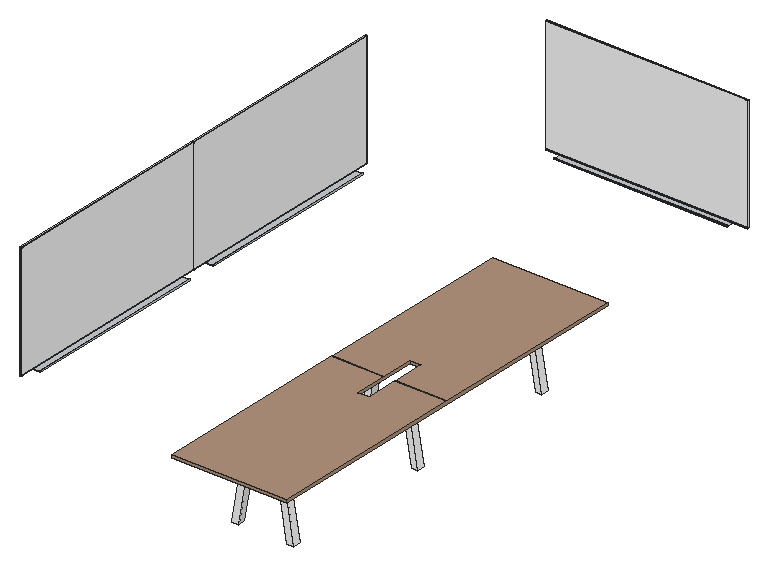
Revit family "Expansion_Casegoods-Meeting_03-Teknion-R2018", category Furniture Systems, Revit 2018 (continued)
Definition of nested family "Tables-Meeting-Teknion-BC_CWA_Workshop_Conference_Table-R2018"
  Dimensions and locks (in)
    aligned and locked: curve 19 to cut or joined group of Sweep 4, Sweep 5, Sweep 6
    aligned and locked: curve 20 to cut or joined group of Sweep 4, Sweep 5, Sweep 6
    aligned and locked: curve 21 to cut or joined group of Sweep 4, Sweep 5, Sweep 6
    aligned and locked: curve 22 to cut or joined group of Sweep 4, Sweep 5, Sweep 6
    aligned and locked: curve 23 to cut or joined group of Sweep 4, Sweep 5, Sweep 6
    aligned and locked: curve 24 to cut or joined group of Sweep 4, Sweep 5, Sweep 6
    aligned and locked: curve 25 to cut or joined group of Sweep 4, Sweep 5, Sweep 6
    aligned and locked: cut or joined group of Sweep 4, Sweep 5, Sweep 6 to curve 26
    aligned and locked: curve 27 to cut or joined group of Sweep 4, Sweep 5, Sweep 6
    aligned and locked: curve 28 to cut or joined group of Sweep 4, Sweep 5, Sweep 6
    aligned and locked: curve 29 to cut or joined group of Sweep 4, Sweep 5, Sweep 6
    aligned and locked: cut or joined group of Sweep 4, Sweep 5, Sweep 6 to curve 30
    aligned and locked: curve 31 to cut or joined group of Sweep 4, Sweep 5, Sweep 6
    aligned and locked: curve 32 to cut or joined group of Sweep 4, Sweep 5, Sweep 6
    aligned and locked: curve 33 to cut or joined group of Sweep 4, Sweep 5, Sweep 6
    aligned and locked: curve 34 to cut or joined group of Sweep 4, Sweep 5, Sweep 6
    aligned and locked: curve 35 to cut or joined group of Sweep 4, Sweep 5, Sweep 6
    aligned and locked: curve 36 to cut or joined group of Sweep 4, Sweep 5, Sweep 6
    aligned and locked: curve 37 to cut or joined group of Sweep 4, Sweep 5, Sweep 6
    aligned and locked: curve 38 to cut or joined group of Sweep 4, Sweep 5, Sweep 6
    aligned and locked: curve 39 to cut or joined group of Sweep 4, Sweep 5, Sweep 6
    aligned and locked: curve 40 to cut or joined group of Sweep 4, Sweep 5, Sweep 6
    aligned and locked: curve 41 to Sweep 3
    aligned and locked: curve 42 to Sweep 3
    aligned and locked: curve 43 to Sweep 3
    aligned and locked: curve 44 to Sweep 3
    aligned and locked: curve 45 to Sweep 3
    aligned and locked: curve 46 to Sweep 3
    aligned and locked: curve 47 to Sweep 3
    aligned and locked: curve 48 to Sweep 3
    aligned and locked: curve 61 to plane 13
    aligned and locked: curve 62 to plane 3 "Center Left/Right"
    aligned and locked: curve 63 to plane 14
    aligned and locked: plane 3 "Center Left/Right" to Sweep 10 sketch curve
    aligned and locked: Sweep 11 sketch curve to plane 3 "Center Left/Right"
    aligned and locked: Sweep 12 sketch curve to plane 3 "Center Left/Right"
    aligned and locked: Sweep 13 sketch curve to plane 3 "Center Left/Right"
    aligned and locked: Sweep 14 sketch curve to plane 3 "Center Left/Right"
    aligned and locked: curve 64 to Sweep 10
    aligned and locked: curve 65 to Sweep 10
    aligned and locked: curve 66 to Sweep 10
    aligned and locked: curve 67 to Sweep 10
    aligned and locked: curve 68 to Sweep 12
    aligned and locked: curve 69 to Sweep 12
    aligned and locked: curve 70 to Sweep 12
    aligned and locked: curve 71 to Sweep 12
    aligned and locked: curve 72 to Sweep 12
    aligned and locked: curve 73 to Sweep 12
    aligned and locked: curve 74 to Sweep 12
    aligned and locked: curve 75 to Sweep 12
    aligned and locked: curve 76 to Sweep 12
    aligned and locked: curve 77 to Sweep 12
    aligned and locked: curve 78 to Sweep 12
    aligned and locked: curve 79 to Sweep 12
    aligned and locked: curve 80 to Sweep 11
    aligned and locked: curve 81 to Sweep 11
    aligned and locked: curve 82 to Sweep 11
    aligned and locked: curve 83 to Sweep 11
    aligned and locked: curve 84 to Sweep 11
    aligned and locked: curve 85 to Sweep 11
    aligned and locked: curve 86 to Sweep 11
    aligned and locked: curve 87 to Sweep 11
    aligned and locked: curve 88 to Sweep 14
    aligned and locked: curve 90 to Sweep 14
    aligned and locked: curve 92 to Sweep 14
    aligned and locked: curve 94 to Sweep 14
    aligned and locked: curve 96 to Sweep 14
    aligned and locked: curve 98 to Sweep 14
    aligned and locked: curve 100 to Sweep 13
    aligned and locked: curve 102 to Sweep 13
    aligned and locked: curve 104 to Sweep 13
    aligned and locked: curve 106 to Sweep 13
  Automatic sketch dimensions
    Sweep 9 sketch curve to plane 3 "Center Left/Right" = 0' - 0"
    plane 7 "Front" to curve 61 = 0' - 0"
    curve 61 to plane 6 "Back" = 0' - 0"
    plane 7 "Front" to curve 62 = 0' - 0"
    curve 62 to plane 6 "Back" = 0' - 0"
    plane 7 "Front" to curve 63 = 0' - 0"
    curve 63 to plane 6 "Back" = 0' - 0"
